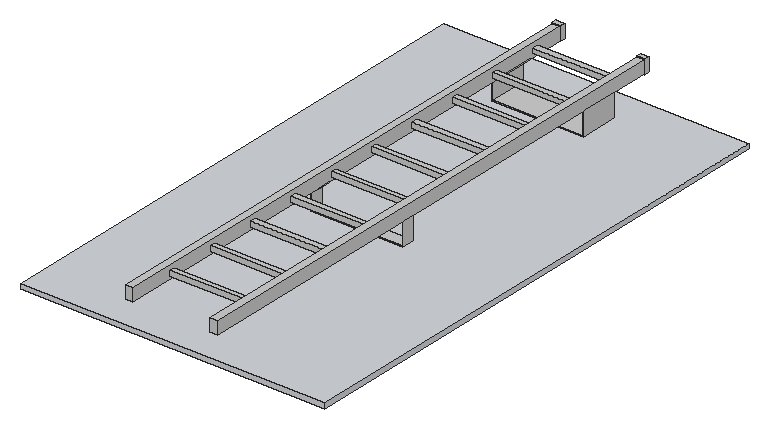
Revit family
Parameters (values of type "Standard")
  With Roof Hatch [instance] = no
  Version = "1"
  Top of Decking [instance] = 10' - 0"
  Top Support Offset from Decking [instance] = 0' - 6 5/8"  # constant formula
  Series = "Access Ladders"
  Rungs Quantity Control [instance] = if(Top of Decking - Off Floor Clearance - 0' 1 1/4" - ((Rungs Quantity - 1) * 1' 0") > 1' 2", Rungs Quantity + 1, Rungs Quantity)  # 10
  Rungs Quantity [instance] = (Top of Decking - Off Floor Clearance) / 1' 0"  # 10
  Wall To Center Line Of Ladder [instance] = 0' - 7"
  URL = "http://www.okeeffes.com/"
  Roof Hatch Base Height [instance] = 1' - 0"
  Product Page URL = "http://www.okeeffes.com/ladders/details/lad501.pdf"
  Overall Width [instance] = Ladder Width + (0' 1 3/4" * 2)  # 1' - 9 7/8"
  Overall Length [instance] = Wall To Center Line Of Ladder + 0' 1 1/2"  # 0' - 8 1/2"
  Overall Height [instance] = Top of Decking + 0' 8"  # 10' - 8"
  On Floor Support [instance] = not(Off Floor Support)  # yes
  Bottom Support Offset from Floor [instance] = 1' - 4"
  Off Floor Support [instance] = no
  Model = "501"
  Manufacturer = "O'Keeffe's, Inc."  # constant formula
  Off Floor Clearance [instance] = if(Off Floor Support, 0' 4", 0' 0")  # 0' - 0"
  Ladder Width [instance] = 1' - 6 3/8"
  Ladder Material = Aluminum-O'Keeffe's-Standard Mill Finish
  Middle Support Offset from Floor [instance] = if(Off Floor Support, (Top of Decking - Top Support Offset from Decking + Bottom Support Offset from Floor) / 2, (Top of Decking - Top Support Offset from Decking) / 2)  # 4' - 8 11/16"
  Description = "Heavy Duty Tubular Rail - Fixed Access Aluminum Ladder"
  Default Elevation = 0' - 0"
  Assembly Code = "B1010700"
Reference planes (in)
  plane 1 "Top of Deck": y = 63.6914996
  plane 2: z = 0
  plane 3 "Center (Left/Right)": x = 0
  plane 4: x = -9.1875
  plane 5: x = 9.1875
  plane 6: x = 10.9375
  plane 7: x = -10.9375
  plane 8: z = 7
  plane 9 "Bottom": y = -56.3085004
  plane 10: y = 71.6914996
  plane 11: z = 8.5
  plane 12: z = 5.5
  plane 13 "Clearance": y = -56.3085004
  plane 14: z = 8.5
  plane 15: y = 57.0664996
  plane 16: y = 0.3789996
  plane 17 "Roof Hatch": y = 75.6914996
  plane 18: z = 5.5
  plane 19: y = -40.3085004
  plane 20: z = 5.5
  plane 21: z = 5.5
Forms (in)
  Extrusion 1, solid
    sketch origin (0, 0, 0) x (1, 0, 0) y (0, 1, 0)
      loop
        line (-36, 69.6914996) -> (-36, -56.3085004) -> (36.4137622, -56.3085004) -> (36.4137622, 69.6914996) -> (-36, 69.6914996)
    from 0 to -1.1615164
  Sweep 2, solid, material "Aluminum-O'Keeffe's-Standard Mill Finish" <- "Ladder Material"
    path origin (0, 0, 0) x (1, 0, 0) y (0, 1, 0)
      loop
        line (0, 71.6914996) -> (0, -56.3085004)
    profile origin (0, 7.6914996, 0) x (1, 0, 0) y (0, 0, 1)
      loop
        line (9.1875, 8.5) -> (9.1875, 5.5) -> (10.9375, 5.5) -> (10.9375, 8.5) -> (9.1875, 8.5)
      loop
        line (-9.1875, 8.5) -> (-10.9375, 8.5) -> (-10.9375, 5.5) -> (-9.1875, 5.5) -> (-9.1875, 8.5)
  Extrusion 3, solid, material "Aluminum-O'Keeffe's-Standard Mill Finish", detail levels fine
    sketch origin (0, 71.6914996, 0) x (-1, 0, 0) y (0, 0, 1)
      loop
        line (-11.0625, 8.625) -> (-11.0625, 5.375) -> (-9.0625, 5.375) -> (-9.0625, 8.625) -> (-11.0625, 8.625)
      loop
        line (11.0625, 5.375) -> (11.0625, 8.625) -> (9.0625, 8.625) -> (9.0625, 5.375) -> (11.0625, 5.375)
    from 0.1875 to -1
  Sweep 4, solid, material "Aluminum-O'Keeffe's-Standard Mill Finish" <- "Ladder Material"
    path origin (0, 0, 0) x (1, 0, 0) y (0, 1, 0)
      loop
        line (0, 52.5664996) -> (0, 61.5664996)
    profile origin (0, 57.0664996, 0) x (-1, 0, 0) y (0, 0, 1)
      loop
        line (-10.75, 0.1875) -> (-10.75, 5.3125) -> (-9.1875, 5.3125) -> (-9.1875, 5.5) -> (-10.9375, 5.5) -> (-10.9375, 0) -> (10.9375, 0) -> (10.9375, 5.5) -> (9.1875, 5.5) -> (9.1875, 5.3125) -> (10.75, 5.3125) -> (10.75, 0.1875) -> (-10.75, 0.1875)
  Sweep 5, solid, material "Aluminum-O'Keeffe's-Standard Mill Finish" <- "Ladder Material", visible <- "Off Floor Support"
    path origin (0, 0, 0) x (1, 0, 0) y (0, 1, 0)
      loop
        line (0, -35.8085004) -> (0, -44.8085004)
    profile origin (0, -40.3085004, 0) x (1, 0, 0) y (0, 0, 1)
      loop
        line (9.1875, 5.3125) -> (10.75, 5.3125) -> (10.75, 0.1875) -> (-10.75, 0.1875) -> (-10.75, 5.3125) -> (-9.1875, 5.3125) -> (-9.1875, 5.5) -> (-10.9375, 5.5) -> (-10.9375, 0) -> (10.9375, 0) -> (10.9375, 5.5) -> (9.1875, 5.5) -> (9.1875, 5.3125)
  Sweep 6, solid, material "Aluminum-O'Keeffe's-Standard Mill Finish" <- "Ladder Material"
    path origin (0, 0, 0) x (1, 0, 0) y (0, 1, 0)
      loop
        line (0, 1.8789996) -> (0, -1.1210004)
    profile origin (0, 0.3789996, 0) x (1, 0, 0) y (0, 0, 1)
      loop
        line (9.1875, 5.3125) -> (10.75, 5.3125) -> (10.75, 0.1875) -> (-10.75, 0.1875) -> (-10.75, 5.3125) -> (-9.1875, 5.3125) -> (-9.1875, 5.5) -> (-10.9375, 5.5) -> (-10.9375, 0) -> (10.9375, 0) -> (10.9375, 5.5) -> (9.1875, 5.5) -> (9.1875, 5.3125)
Lines and regions (in)
  Masking region 1
    outline origin (0, 63.6914996, 0) x (1, 0, 0) y (0, 0, 1)
      loop
        line (11.0625, 8.625) -> (9.0625, 8.625) -> (9.0625, 7.625) -> (-9.0625, 7.625) -> (-9.0625, 8.625) -> (-11.0625, 8.625) -> (-11.0625, 5.375) -> (-9.0625, 5.375) -> (-9.0625, 6.375) -> (9.0625, 6.375) -> (9.0625, 5.375) -> (11.0625, 5.375) -> (11.0625, 8.625)
  Masking region 2
    outline origin (0, 63.6914996, 0) x (1, 0, 0) y (0, 0, 1)
      loop
        line (10.9375, 5.375) -> (9.1875, 5.375) -> (9.1875, 5.3125) -> (10.75, 5.3125) -> (10.75, 0.1875) -> (-10.75, 0.1875) -> (-10.75, 5.3125) -> (-9.1875, 5.3125) -> (-9.1875, 5.375) -> (-10.9375, 5.375) -> (-10.9375, 0) -> (10.9375, 0) -> (10.9375, 5.375)
  symbolic lines, detail levels fine
    curve 1: line (9.0625, 63.6914996, 7.625) -> (9.0625, 63.6914996, 6.375)
    curve 2: line (-9.0625, 63.6914996, 7.625) -> (-9.0625, 63.6914996, 6.375)
Dimensions and locks (in)
  "Wall To Center Line Of Ladder": plane 8 to Extrusion 1
  equal spacing: plane 12, plane 8, plane 11, locked at 1.5 each
  locked: plane 10 to plane 1 "Top of Deck" at 8
  "Off Floor Clearance": plane 13 "Clearance" to plane 9 "Bottom"
  "Top Support Offset from Decking": plane 15 to plane 1 "Top of Deck"
  locked: Sweep 2 to Extrusion 3 sketch curve at 0.125
  locked: Extrusion 3 sketch curve to Sweep 2 at 0.125  (x2)
  locked: plane 5 to Extrusion 3 sketch curve at 0.125
  "Roof Hatch Base Height": plane 17 "Roof Hatch" to plane 1 "Top of Deck"
  locked: plane 6 to Extrusion 3 sketch curve at 0.125
  locked: Extrusion 3 sketch curve to plane 7 at 0.125
  "Bottom Support Offset from Floor": plane 9 "Bottom" to plane 19
  "Top of Decking": plane 1 "Top of Deck" to plane 9 "Bottom"
  "Overall Length": plane 14 to plane 2
  equal spacing: Sweep 4 sketch curve, plane 15, Sweep 4 sketch curve, locked at 4.5 each
  locked: Sweep 4 sketch curve to plane 6 at 0.1875
  locked: Sweep 4 sketch curve to plane 7 at 0.1875
  locked: plane 18 to plane 8 at 1.5
  locked: Sweep 4 sketch curve to plane 18 at 0.1875  (x2)
  locked: plane 2 to Sweep 4 sketch curve at 0.1875
  "Middle Support Offset from Floor": plane 16 to plane 9 "Bottom"
  equal spacing: Sweep 5 sketch curve, plane 19, Sweep 5 sketch curve, locked at 4.5 each
  locked: Sweep 5 sketch curve to plane 20 at 0.1875  (x2)
  locked: plane 20 to plane 8 at 1.5
  locked: plane 6 to Sweep 5 sketch curve at 0.1875
  locked: plane 7 to Sweep 5 sketch curve at 0.1875
  locked: plane 2 to Sweep 5 sketch curve at 0.1875
  equal spacing: Sweep 6 sketch curve, plane 16, Sweep 6 sketch curve, locked at 1.5 each
  locked: plane 21 to plane 8 at 1.5
  locked: Sweep 6 sketch curve to plane 21 at 0.1875  (x2)
  locked: plane 6 to Sweep 6 sketch curve at 0.1875
  locked: plane 7 to Sweep 6 sketch curve at 0.1875
  locked: plane 2 to Sweep 6 sketch curve at 0.1875
  equal spacing: group 10, group 9, group 8, group 7, group 6, group 5, group 4, group 3, group 2, group 1  (x2)
  equal spacing: group 1, group 2, group 3, group 4, group 5, group 6, group 7, group 8, group 9, group 10
  locked: nested 3 to nested 2 at 12
  equal spacing: plane 4, plane 3 "Center (Left/Right)", plane 5
  "Ladder Width": plane 4 to plane 5
  locked: plane 7 to plane 4 at 1.75
  locked: plane 6 to plane 5 at 1.75
  equal spacing: plane 6, profile plane, plane 7  (x3)
  locked: nested 1 to plane 2 at 15
  aligned and locked: plane 2 to Extrusion 1
  aligned and locked: level to Extrusion 1
  aligned and locked: Sweep 2 sketch curve to plane 3 "Center (Left/Right)"
  aligned and locked: plane 10 to Sweep 2 sketch curve
  aligned and locked: Sweep 2 sketch curve to plane 5
  aligned and locked: Sweep 2 sketch curve to plane 4
  aligned and locked: plane 13 "Clearance" to Sweep 2 sketch curve
  aligned and locked: plane 14 to Sweep 2  (x2)
  aligned and locked: Extrusion 3 sketch curve to Extrusion 3 sketch curve  (x2)
  aligned and locked: nested 1 to plane 3 "Center (Left/Right)"
  aligned and locked: plane 6 to Sweep 2 sketch curve
  aligned and locked: Sweep 2 sketch curve to plane 7
  aligned: nested 1 to plane 17 "Roof Hatch"
  aligned: nested 1 to level
  aligned and locked: Sweep 2 sketch curve to plane 12
  aligned and locked: plane 11 to Sweep 2 sketch curve
  aligned and locked: plane 14 to plane 11
  aligned and locked: plane 17 "Roof Hatch" to nested 1
  aligned and locked: plane 3 "Center (Left/Right)" to Sweep 4 sketch curve
  aligned and locked: Sweep 4 sketch curve to plane 2
  aligned and locked: plane 6 to Sweep 4 sketch curve
  aligned and locked: Sweep 4 sketch curve to plane 7
  aligned and locked: plane 4 to Sweep 4 sketch curve
  aligned and locked: Sweep 4 sketch curve to plane 5
  aligned and locked: Sweep 4 sketch curve to plane 18  (x2)
  aligned and locked: Sweep 5 sketch curve to plane 3 "Center (Left/Right)"
  aligned and locked: Sweep 5 sketch curve to plane 4
  aligned and locked: plane 7 to Sweep 5 sketch curve
  aligned and locked: plane 5 to Sweep 5 sketch curve
  aligned and locked: Sweep 5 sketch curve to plane 6
  aligned and locked: plane 2 to Sweep 5 sketch curve
  aligned and locked: profile plane to plane 3 "Center (Left/Right)"  (x2)
  aligned and locked: plane 20 to Sweep 5 sketch curve  (x2)
  aligned and locked: Sweep 6 sketch curve to plane 3 "Center (Left/Right)"
  aligned and locked: Sweep 6 sketch curve to plane 4
  aligned and locked: plane 5 to Sweep 6 sketch curve
  aligned and locked: Sweep 6 sketch curve to plane 6
  aligned and locked: plane 7 to Sweep 6 sketch curve
  aligned and locked: plane 2 to Sweep 6 sketch curve
  aligned and locked: plane 21 to Sweep 6 sketch curve  (x2)
  aligned and locked: Masking region 1 sketch curve to Extrusion 3  (x8)
  aligned and locked: plane 5 to Masking region 2 sketch curve
  aligned and locked: plane 4 to Masking region 2 sketch curve
  aligned and locked: Masking region 2 sketch curve to Sweep 4  (x3)
  aligned and locked: Sweep 4 to Masking region 2 sketch curve  (x2)
  aligned and locked: Masking region 2 sketch curve to Sweep 6
  aligned and locked: Extrusion 3 to Masking region 2 sketch curve
  aligned and locked: nested 2 to Masking region 1 sketch curve
  aligned and locked: curve 1 to Masking region 1
  aligned and locked: Masking region 1 to curve 1  (x2)
  aligned and locked: Masking region 1 to curve 2
  aligned and locked: curve 2 to Masking region 1
  aligned and locked: nested 2 to plane 1 "Top of Deck"
  aligned and locked: plane 8 to nested 2
  aligned and locked: plane 8 to nested 11
  aligned and locked: plane 3 "Center (Left/Right)" to nested 2
  aligned and locked: plane 3 "Center (Left/Right)" to nested 11
Automatic sketch dimensions
  Extrusion 1 sketch curve to Extrusion 1 sketch curve = 6' - 0.41376"
  Extrusion 1 sketch curve to Extrusion 1 sketch curve = 10' - 6"
  Sweep 2 sketch curve to plane 12 = 0' - 0"
  Sweep 2 sketch curve to plane 11 = 0' - 0"
  Sweep 4 sketch curve to plane 15 = 0' - 4 1/2"
  Sweep 5 sketch curve to plane 19 = 0' - 4 1/2"
  Sweep 6 sketch curve to plane 16 = 0' - 1 1/2"
  Masking region 2 sketch curve to plane 8 = 0' - 1 11/16"
  Masking region 2 sketch curve to Masking region 2 sketch curve = 0' - 0 1/16"  (x2)
  Masking region 1 sketch curve to plane 5 = 0' - 0 1/8"
  plane 4 to Masking region 1 sketch curve = 0' - 0 1/8"
  Masking region 1 sketch curve to plane 8 = 0' - 0 5/8"
  curve 2 to plane 8 = 0' - 0 5/8"
Nested families (in)
  nested 1: "Roof_Hatch-O'Keeffe's" at (0, 75.6914996, 15) x (-1, 0, 0) z (0, 1, 0), visible <- "With Roof Hatch", type "Standard"
    with Width 2' - 6", Lenght 3' - 0"
  nested 2: "Ladder-O'Keeffe's-Rung" at (0, 63.0664996, 6.375), Tread Material <- "Ladder Material", type "Standard"
    with Tread Material Aluminum-O'Keeffe's-Standard Mill Finish
  nested 3: "Ladder-O'Keeffe's-Rung" at (0, 51.0664996, 6.375), Tread Material <- "Ladder Material", type "Standard"
    with Tread Material Aluminum-O'Keeffe's-Standard Mill Finish
  nested 4: "Ladder-O'Keeffe's-Rung" at (0, 39.0664996, 6.375), Tread Material <- "Ladder Material", type "Standard"
    with Tread Material Aluminum-O'Keeffe's-Standard Mill Finish
  nested 5: "Ladder-O'Keeffe's-Rung" at (0, 27.0664996, 6.375), Tread Material <- "Ladder Material", type "Standard"
    with Tread Material Aluminum-O'Keeffe's-Standard Mill Finish
  nested 6: "Ladder-O'Keeffe's-Rung" at (0, 15.0664996, 6.375), Tread Material <- "Ladder Material", type "Standard"
    with Tread Material Aluminum-O'Keeffe's-Standard Mill Finish
  nested 7: "Ladder-O'Keeffe's-Rung" at (0, 3.0664996, 6.375), Tread Material <- "Ladder Material", type "Standard"
    with Tread Material Aluminum-O'Keeffe's-Standard Mill Finish
  nested 8: "Ladder-O'Keeffe's-Rung" at (0, -8.9335004, 6.375), Tread Material <- "Ladder Material", type "Standard"
    with Tread Material Aluminum-O'Keeffe's-Standard Mill Finish
  nested 9: "Ladder-O'Keeffe's-Rung" at (0, -20.9335004, 6.375), Tread Material <- "Ladder Material", type "Standard"
    with Tread Material Aluminum-O'Keeffe's-Standard Mill Finish
  nested 10: "Ladder-O'Keeffe's-Rung" at (0, -32.9335004, 6.375), Tread Material <- "Ladder Material", type "Standard"
    with Tread Material Aluminum-O'Keeffe's-Standard Mill Finish
  nested 11: "Ladder-O'Keeffe's-Rung" at (0, -44.9335004, 6.375), Tread Material <- "Ladder Material", type "Standard"
    with Tread Material Aluminum-O'Keeffe's-Standard Mill Finish
Definition of nested family "Roof_Hatch-O'Keeffe's"
  Parameters (values of type "Standard")
    Width [instance] = 3' - 0"
    Roof Hatch Material = none
    Roof Hatch Base Height = 1' - 0"
    Lenght [instance] = 2' - 6"
    Default Elevation = 4' - 0"
    Assembly Code = ""
  Reference planes (in)
    plane 1 "Center (Front/Back)": y = 0
    plane 2: z = 0
    plane 3 "Center (Left/Right)": x = 0
    plane 4: x = -20.2819638
    plane 5: x = 20.2819638
    plane 6: y = 17.2819638
    plane 7: y = -17.2819638
    plane 8: z = 2.5262932
    plane 9: z = -12
    plane 10: x = -19.1622303
    plane 11: y = 16.1622303
    plane 12: x = 19.1622303
    plane 13: y = -16.1622303
    plane 14: x = -18
    plane 15: x = 18
    plane 16: y = 15
    plane 17: y = -15
  Forms (in)
    Sweep 1, solid, material <- "Roof Hatch Material"
      path origin (0, -0.1781136, 0) x (1, 0, 0) y (0, 1, 0)
        loop
          line (-20.2819638, 17.4600774) -> (-20.2819638, -17.1038502) -> (20.2819638, -17.1038502) -> (20.2819638, 17.4600774) -> (-20.2819638, 17.4600774)
      profile origin (-20.2819638, 0, 0) x (-1, 0, 0) y (0, 0, 1)
        loop
          line (-0.6127901, -1.9737687) -> (-0.3881777, -2.1983811) -> (-0.3218864, -2.1983811) -> (-0.5695336, -1.9507339) -> (-0.5695336, -0.5939269) -> (0, -0.5939269) -> (0, 2.5262932) -> (-6.6887276, 2.5262932) -> (-6.6887276, 0) -> (-2.4067638, 0) -> (-2.4067638, -1.3072473)
          arc (-2.4067638, -1.3072473) -> (-2.3856755, -1.358159) -> (-2.3347638, -1.3792473) r 0.072
          line (-2.3347638, -1.3792473) -> (-2.2819638, -1.3792473) -> (-2.2819638, -0.4275869) -> (-1.1197336, -0.4275869) -> (-1.1197336, -1.9737687) -> (-0.6127901, -1.9737687)
    Sweep 2, solid, material <- "Roof Hatch Material"
      path origin (0, 0, 0) x (1, 0, 0) y (0, 1, 0)
        loop
          line (-19.1622303, 16.1622303) -> (-19.1622303, -16.1622303) -> (19.1622303, -16.1622303) -> (19.1622303, 16.1622303) -> (-19.1622303, 16.1622303)
      profile origin (-19.1622303, 0, 0) x (-1, 0, 0) y (0, 0, 1)
        loop
          line (0, 0) -> (-1.1622303, 0) -> (-1.1622303, -12) -> (0, -12) -> (0, 0)
    Extrusion 3, solid, material <- "Roof Hatch Material"
      sketch origin (0, 0, 0) x (1, 0, 0) y (0, 0, 1)
        loop
          line (-13.5932362, 2.5262932) -> (-13.5932362, 0) -> (13.5932362, 0) -> (13.5932362, 2.5262932) -> (-13.5932362, 2.5262932)
      from -10.5932362 to 10.5932362
  Cuts and joins
    joined: Sweep 1, Extrusion 3
  Lines and regions (in)
    symbolic lines, style "GenericModelHiddenLines"
      curve 1: line (20.2819638, 17.2819638, 2.5262932) -> (-20.2819638, 17.2819638, 2.5262932)
      curve 2: line (-20.2819638, 17.2819638, 2.5262932) -> (-20.2819638, -17.2819638, 2.5262932)
      curve 3: line (20.2819638, -17.2819638, 2.5262932) -> (20.2819638, 17.2819638, 2.5262932)
      curve 4: line (-20.2819638, -17.2819638, 2.5262932) -> (20.2819638, -17.2819638, 2.5262932)
  Dimensions and locks (in)
    plane 3 "Center (Left/Right)" to Sweep 1 sketch curve = 1' - 1.59324"
    locked: plane 8 to level at 2.5262932
    "Roof Hatch Base Height": level to plane 9
    equal spacing: Extrusion 3 sketch curve, plane 3 "Center (Left/Right)", Extrusion 3 sketch curve
    equal spacing: plane 14, plane 3 "Center (Left/Right)", plane 15
    "Width": plane 14 to plane 15
    "Lenght": plane 16 to plane 17
    equal spacing: plane 16, plane 1 "Center (Front/Back)", plane 17
    plane 4 to plane 10 to plane 14 = 0' - 1.11973" locked, 0' - 1.16223" locked
    plane 15 to plane 12 to plane 5 = 0' - 1.16223" locked, 0' - 1.11973" locked
    plane 17 to plane 13 to plane 7 = 0' - 1.16223" locked, 0' - 1.11973" locked
    plane 6 to plane 11 to plane 16 = 0' - 1.11973" locked, 0' - 1.16223" locked
    aligned and locked: plane 2 to level
    aligned: profile plane to plane 4
    aligned: plane 6 to Sweep 1
    aligned and locked: Sweep 1 sketch curve to plane 6
    aligned and locked: plane 6 to curve 1
    aligned and locked: curve 2 to plane 4
    aligned and locked: curve 4 to plane 7
    aligned and locked: plane 5 to curve 3
    aligned and locked: plane 4 to Sweep 1 sketch curve  (x2)
    aligned and locked: profile plane to plane 2
    aligned and locked: profile plane to Sweep 1 sketch curve
    aligned and locked: Sweep 1 sketch curve to plane 8
    aligned and locked: plane 10 to Sweep 2 sketch curve
    aligned and locked: plane 12 to Sweep 2 sketch curve
    aligned and locked: Sweep 2 sketch curve to plane 11
    aligned and locked: Sweep 2 sketch curve to plane 13
    aligned and locked: profile plane to plane 10
    aligned and locked: profile plane to Sweep 2 sketch curve
    aligned and locked: plane 9 to Sweep 2 sketch curve
    aligned and locked: Sweep 2 sketch curve to profile plane
    aligned and locked: Sweep 2 sketch curve to Sweep 1
    aligned and locked: Extrusion 3 sketch curve to plane 8
    aligned and locked: level to Extrusion 3 sketch curve
    aligned and locked: Extrusion 3 to Sweep 1  (x3)
    aligned and locked: Sweep 1 sketch curve to plane 5
    aligned and locked: plane 7 to Sweep 1 sketch curve
  Automatic sketch dimensions
    Extrusion 3 sketch curve to plane 3 "Center (Left/Right)" = 1' - 1.59324"
    profile plane to Sweep 1 sketch curve = 0' - 2.40676"
    Sweep 1 sketch curve to Sweep 1 sketch curve = 0' - 0.072"
    Sweep 1 sketch curve to Sweep 1 sketch curve = 0' - 0.1248"
    Sweep 1 sketch curve to level = 0' - 0.42759"
    profile plane to Sweep 1 sketch curve = 0' - 1.11973"
    Sweep 1 sketch curve to Sweep 1 sketch curve = 0' - 0.50694"
    Sweep 1 sketch curve to Sweep 1 sketch curve = 0' - 0.56953"
    Sweep 1 sketch curve to Sweep 1 sketch curve = 0' - 0.18136"
    Sweep 1 sketch curve to Sweep 1 sketch curve = 0' - 0.06629"
    Sweep 1 sketch curve to Sweep 1 sketch curve = 0' - 0.16634"
    Sweep 1 sketch curve to Sweep 1 sketch curve = 0' - 0.87966"
    Sweep 1 sketch curve to Sweep 1 sketch curve = 0' - 1.35681"
    Sweep 1 sketch curve to Sweep 1 sketch curve = 0' - 0.02303"
    Sweep 1 sketch curve to Sweep 1 sketch curve = 0' - 0.24765"
Definition of nested family "Ladder-O'Keeffe's-Rung"
  Parameters (values of type "Standard")
    Width = 1' - 6 3/8"
    Tread Material [instance] = none
    Default Elevation = 4' - 0"
    Assembly Code = ""
  Reference planes (in)
    plane 1 "Center (Front/Back)": y = 0
    plane 2: z = 0
    plane 3 "Center (Left/Right)": x = 0
    plane 4: y = 0.625
    plane 5: y = -0.625
    plane 6: x = -9.1875
    plane 7: x = 9.1875
    plane 8: z = 1.25
    plane 9: z = 0.625
  Forms (in)
    Sweep 1, solid, material <- "Tread Material"
      path origin (0, 0, 0) x (1, 0, 0) y (0, 1, 0)
        loop
          line (-9.1875, 0) -> (9.1875, 0)
      profile origin (0, 0, 0) x (0, 1, 0) y (0, 0, 1)
        loop
          line (0.625, 1.25) -> (-0.625, 1.25) -> (-0.625, 0) -> (0.625, 0) -> (0.625, 1.25)
  Dimensions and locks (in)
    equal spacing: plane 6, plane 3 "Center (Left/Right)", plane 7
    "Width": plane 6 to plane 7
    locked: plane 8 to plane 2 at 1.25
    equal spacing: plane 4, plane 1 "Center (Front/Back)", plane 5
    locked: plane 4 to plane 5 at 1.25
    equal spacing: plane 8, plane 9, level, locked at 0.625 each
    aligned and locked: plane 2 to level
    aligned and locked: plane 6 to Sweep 1 sketch curve
    aligned and locked: plane 7 to Sweep 1 sketch curve
    aligned and locked: plane 1 "Center (Front/Back)" to Sweep 1 sketch curve
    aligned and locked: profile plane to Sweep 1 sketch curve
    aligned and locked: Sweep 1 sketch curve to plane 8
  Automatic sketch dimensions
    profile plane to Sweep 1 sketch curve = 0' - 0 5/8"
    Sweep 1 sketch curve to profile plane = 0' - 0 5/8"
